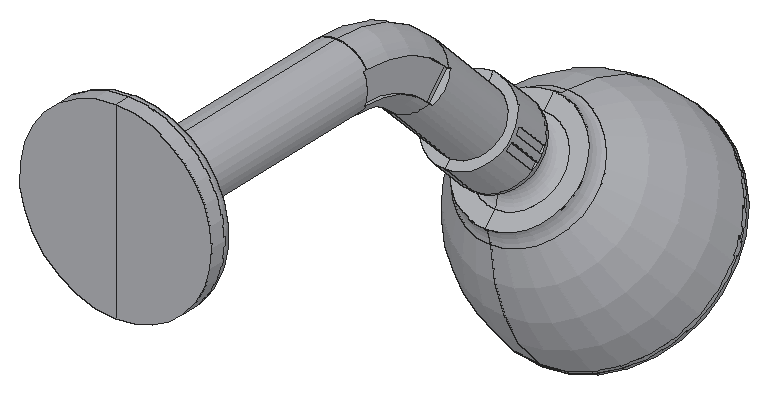
Revit family "BRG-GRF-DCH_Edesa Reg. Red. Autolimp. ABS Cr 6.5 cm", category Aparatos sanitarios, Revit 2020
Family settings
  Anfitrión = Muro
  Cota de conector redondo = Diámetro de uso
  Tipo de pieza = Normal
  Número OmniClass = 23.45.00.00
  Título OmniClass = Sanitary, Laundry, and Cleaning Equipment
  Siempre vertical = Sí
  Corte con vacíos al cargar = No
  Compartido = No
  Punto de cálculo de habitación = No
Parameters (values of type "REGADERA REDONDA AUTOLIMPIADORA ABS 7.5 CM")
  _EDESA_ Tipo de instalación = "A la pared"
  _EDESA_ Sku/código = "SG0049863061BO"
  _EDESA_ Profundidad en cm = "15.7"
  _EDESA_ Productos necesarios para instalación = "Mezcladora de ducha"
  _EDESA_ Productos incluídos = ""
  _EDESA_ Peso en kg = ""
  _EDESA_ Nombre = "REGADERA REDONDA AUTOLIMPIADORA ABS 7.5 CM"
  _EDESA_ Materiales = "Latón"
  _EDESA_ Manual de Instalación = "https://www.edesa.com.ec/productos/instructivos/Griferia/Regaderas.pdf"
  _EDESA_ Garantía = "De por vida para el cuerpo principal y acabado en cromo (306)"
  _EDESA_ Distancia de instalación en cm (muro terminado) = ""
  _EDESA_ Descripción = "Regadera con brazo de ducha"
  _EDESA_ Cumple normativa ADA = ""
  _EDESA_ Contacto comercial = "(02) 395 2900"
  _EDESA_ Consumo/capacidad de agua en L = "9.5 litros por minuto / 2.5 gpm"
  _EDESA_ Conexión hidráulica = "Entrada de agua: tubería ø 1/2\""
  _EDESA_ Color = "cromo"
  _EDESA_ Certificación = "Cumple con norma NTE - INEN 3123 basada en la norma ASME 112.18.1 - 2012."
  _EDESA_ Categoría = "Productos > Grifería > Ducha"
  _EDESA_ BIM Manager = "Arq. Milton Ruano"
  _EDESA_ Autor BIM = "www.bimplus.com.ec (bimplus.arquitectura.integrada@gmail.com)"
  _EDESA_ Ancho en cm = "7.5"
  _EDESA_ Alto en cm = "22.5"
  _ALT = 1.70 m
  URL = "https://www.edesa.com.ec/productos/fichastecnicaspdf/Edesa/Griferia/Regadera_autolimpiadora.pdf"
  Modelo = "REGADERA REDONDA AUTOLIMPIADORA ABS 7.5 CM"
  Fabricante = "EDESA Ecuador"
  Elevación por defecto = 0.00 m
Reference planes (m)
  plane 1: y = 0
  plane 2 "Centro (Izquierda/Derecha)": x = 0.125
  plane 3 "Posterior": y = 0.075
Text (m)
  text "Cara de colocación" at (-1.787139, 0.59235, 0), in view "Nivel de referencia"
  text "Cara de colocación" at (0, 1.827695, 2.917686), in view "Izquierda"
  text "Cara de colocación" at (0, 0.562268, 3.853606), in view "Derecha"
Dimensions and locks (m)
  locked: plane 3 "Posterior" to host wall
  aligned and locked: host wall to plane 1
  aligned and locked: plane 3 "Posterior" to nested 1
Nested families (m)
  nested 1: "Familia2" at (0, 0.075, 1.7), type "Familia2"
Connectors (m)
  piping at (0.125, 0.075, 1.7), diameter 0.0127
    settings: on nested 1, index 1, connector inside diameter 609.6 mm, connector length 0.00 m, flow factor 0, pipe flow 0.15 L/s, pressure drop 0.0 Pa, fitting loss kfactor 0, connector angle 0.00°, fixture units 0, engagement length 0.00 m, angle of deflection 0.00°, flow configuration 0, flow direction 1, fitting loss method 2, system type 7, joint type 0, gender type 0, connector reference index -1, connector utility 0, adjustable connector yes, is connector primary yes, connector description ""
Definition of nested family "Familia2"
  Parameters (values of type "Familia2")
    Default Elevation = 0.00 m
  Reference planes (m)
    plane 1 "Centro (Frontal/Posterior)": y = 0
    plane 2: z = 0
    plane 3 "Centro (Izquierda/Derecha)": x = 0
    plane 4 "rp": through (4.2672, 0.16526, -0.115258) normal (0, -0.7071, 0.7071)
    plane 5: through (0.1625, 0.215729, -0.112695) normal (0, 0.7071, 0.7071)
    plane 6: x = 0.125
  Forms (m)
    Revolve 1, solid
      sketch origin (0.125, -0.073851, -2.099221) x (0, 1, 0) y (0, 0, 1)
        loop
          line (0.073851, 2.099221) -> (0.160109, 2.099221) -> (0.160109, 2.109721) -> (0.085886, 2.109721)
          arc (0.085886, 2.109721) -> (0.084664, 2.118072) -> (0.082748, 2.126292) r 0.100755
          arc (0.082748, 2.126292) -> (0.081314, 2.128406) -> (0.078893, 2.129221) r 0.004
          line (0.078893, 2.129221) -> (0.073851, 2.129221) -> (0.073851, 2.099221)
        axis (0.073851, 2.099221) -> (0.160109, 2.099221)
      angle from 0 to 360
    Revolve 2, solid
      sketch origin (0.125, -0.064274, -2.1) x (0, 1, 0) y (0, 0, 1)
        loop
          line (0.25963, 2.007678) -> (0.17917, 2.088138) -> (0.171746, 2.080713) -> (0.194885, 2.057574) -> (0.192764, 2.055452) -> (0.203596, 2.04462)
          arc (0.203596, 2.04462) -> (0.205319, 2.043604) -> (0.207318, 2.04355) r 0.004
          arc (0.207318, 2.04355) -> (0.21267, 2.041415) -> (0.212563, 2.035653) r 0.005066
          line (0.212563, 2.035653) -> (0.208674, 2.031764)
          arc (0.208674, 2.031764) -> (0.21019, 2.029306) -> (0.210744, 2.026473) r 0.008077
          arc (0.210744, 2.026473) -> (0.216211, 2.003839) -> (0.229534, 1.984742) r 0.062932
          line (0.229534, 1.984742) -> (0.230499, 1.983776)
          arc (0.230499, 1.983776) -> (0.23255, 1.982681) -> (0.234864, 1.982912) r 0.004
          line (0.234864, 1.982912) -> (0.25963, 2.007678)
        axis (0.25963, 2.007678) -> (0.17917, 2.088138)
      angle from 0 to 360
    Sweep 3, solid
      path origin (0.125, -0.06661, -2.099125) x (0, 1, 0) y (0, 0, 1)
        loop
          arc (0.188931, 2.094687) -> (0.172386, 2.105743) -> (0.152869, 2.109625) r 0.051
      profile origin (0.125, 0.105775, 0.006618) x (0, -0.382683, -0.92388) y (1, 0, 0)
        loop
          circle (0.0105, 0) r 0.0105
    Revolve 4, solid
      sketch origin (0.125, -0.052317, -2.1085) x (0, 1, 0) y (0, 0, 1)
        loop
          arc (0.222907, 1.991412) -> (0.238717, 1.999887) -> (0.252578, 2.011273) r 0.091891
          line (0.252578, 2.011273) -> (0.247673, 2.016178) -> (0.222907, 1.991412)
        axis (0.247673, 2.016178) -> (0.252578, 2.011273)
      angle from 0 to 360
    Extrusion 5, void
      sketch origin (0, 0, 0) x (0, 1, 0) y (0, 0, 1)
        loop
          arc (0.085035, -0.005021) -> (0.099844, -0.007702) -> (0.112212, -0.016278) r 0.0355
          line (0.112212, -0.016278) -> (0.119286, -0.009204)
          arc (0.119286, -0.009204) -> (0.103671, 0.001536) -> (0.085035, 0.004984) r 0.0455
          line (0.085035, 0.004984) -> (0.085035, -0.005021)
      from 0.103506 to 0.116944
    Extrusion 6, void
      sketch origin (0.25, 0, 0) x (0, 1, 0) y (0, 0, -1)
        loop
          line (0.085035, 0.005021) -> (0.085035, -0.004984)
          arc (0.085035, -0.004984) -> (0.103671, -0.001536) -> (0.119286, 0.009204) r 0.0455
          line (0.119286, 0.009204) -> (0.112212, 0.016278)
          arc (0.112212, 0.016278) -> (0.099844, 0.007702) -> (0.085035, 0.005021) r 0.0355
      from 0.103506 to 0.116944
    Extrusion 7, void
      sketch origin (0, 0.04, 0) x (0, 1, 0) y (0, 0, 1)
        loop
          line (0.096268, -0.038184) -> (0.106521, -0.048437) -> (0.108289, -0.046669) -> (0.098036, -0.036416) -> (0.096268, -0.038184)
        loop
          line (0.101218, -0.033234) -> (0.09945, -0.035002) -> (0.109703, -0.045255) -> (0.111471, -0.043487) -> (0.101218, -0.033234)
      from 0.103506 to 0.112498
    Extrusion 8, void
      sketch origin (0.25, 0.04, 0) x (0, 1, 0) y (0, 0, -1)
        loop
          line (0.096268, 0.038184) -> (0.098036, 0.036416) -> (0.108289, 0.046669) -> (0.106521, 0.048437) -> (0.096268, 0.038184)
        loop
          line (0.101218, 0.033234) -> (0.111471, 0.043487) -> (0.109703, 0.045255) -> (0.09945, 0.035002) -> (0.101218, 0.033234)
      from 0.103506 to 0.112498
    Extrusion 9, solid
      sketch origin (0, 0.140259, -0.140259) x (0, -0.707107, -0.707107) y (1, 0, 0)
        loop
          circle (-0.100895, 0.125) r 0.0015
        loop
          circle (-0.100895, 0.125) r 0.000854
      from -0.006502 to -0.008846
    Extrusion 10, solid
      sketch origin (0, 0.134875, -0.145643) x (0, -0.707107, -0.707107) y (1, 0, 0)
        loop
          circle (-0.100895, 0.125) r 0.0015
        loop
          circle (-0.100895, 0.125) r 0.000854
      from -0.006502 to -0.01012
    Extrusion 11, solid
      sketch origin (0, 0.140259, -0.140259) x (0, -0.707107, -0.707107) y (1, 0, 0)
        loop
          circle (-0.084839, 0.125) r 0.0015
        loop
          circle (-0.084839, 0.125) r 0.000854
      from -0.006502 to -0.011902
    Extrusion 12, solid
      sketch origin (0.066697, 0.098145, -0.182373) x (0.587785, -0.572061, -0.572061) y (0.809017, 0.415627, 0.415627)
        loop
          circle (-0.084839, 0.125) r 0.0015
        loop
          circle (-0.084839, 0.125) r 0.000854
      from -0.006502 to -0.011902
    Extrusion 13, solid
      sketch origin (-0.018951, 0.202051, -0.078467) x (-0.587785, -0.572061, -0.572061) y (0.809017, -0.415627, -0.415627)
        loop
          circle (-0.084839, 0.125) r 0.0015
        loop
          circle (-0.084839, 0.125) r 0.000854
      from -0.006502 to -0.011902
    Extrusion 14, solid
      sketch origin (0.017083, 0.259919, -0.020599) x (-0.951057, -0.218508, -0.218508) y (0.309017, -0.672499, -0.672499)
        loop
          circle (-0.084839, 0.125) r 0.0015
        loop
          circle (-0.084839, 0.125) r 0.000854
      from -0.006502 to -0.011902
    Extrusion 15, solid
      sketch origin (0.094337, 0.291758, 0.01124) x (-0.951057, 0.218508, 0.218508) y (-0.309017, -0.672499, -0.672499)
        loop
          circle (-0.084839, 0.125) r 0.0015
        loop
          circle (-0.084839, 0.125) r 0.000854
      from -0.006502 to -0.011902
    Extrusion 16, solid
      sketch origin (0.183303, 0.285408, 0.00489) x (-0.587785, 0.572061, 0.572061) y (-0.809017, -0.415627, -0.415627)
        loop
          circle (-0.084839, 0.125) r 0.0015
        loop
          circle (-0.084839, 0.125) r 0.000854
      from -0.006502 to -0.011902
    Extrusion 17, solid
      sketch origin (0.25, 0.243293, -0.037225) x (0, 0.707107, 0.707107) y (-1, 0, 0)
        loop
          circle (-0.084839, 0.125) r 0.0015
        loop
          circle (-0.084839, 0.125) r 0.000854
      from -0.006502 to -0.011902
    Extrusion 18, solid
      sketch origin (0.268951, 0.181501, -0.099017) x (0.587785, 0.572061, 0.572061) y (-0.809017, 0.415627, 0.415627)
        loop
          circle (-0.084839, 0.125) r 0.0015
        loop
          circle (-0.084839, 0.125) r 0.000854
      from -0.006502 to -0.011902
    Extrusion 19, solid
      sketch origin (0.232917, 0.123633, -0.156885) x (0.951057, 0.218508, 0.218508) y (-0.309017, 0.672499, 0.672499)
        loop
          circle (-0.084839, 0.125) r 0.0015
        loop
          circle (-0.084839, 0.125) r 0.000854
      from -0.006502 to -0.011902
    Extrusion 20, solid
      sketch origin (0.155663, 0.091794, -0.188724) x (0.951057, -0.218508, -0.218508) y (0.309017, 0.672499, 0.672499)
        loop
          circle (-0.084839, 0.125) r 0.0015
        loop
          circle (-0.084839, 0.125) r 0.000854
      from -0.006502 to -0.011902
    Extrusion 21, solid
      sketch origin (0.043537, 0.103844, -0.176674) x (0.406737, -0.645974, -0.645974) y (0.913545, 0.287606, 0.287606)
        loop
          circle (-0.100895, 0.125) r 0.0015
        loop
          circle (-0.100895, 0.125) r 0.000854
      from -0.006502 to -0.01012
    Extrusion 22, solid
      sketch origin (-0.021923, 0.175745, -0.104773) x (-0.406737, -0.645974, -0.645974) y (0.913545, -0.287606, -0.287606)
        loop
          circle (-0.100895, 0.125) r 0.0015
        loop
          circle (-0.100895, 0.125) r 0.000854
      from -0.006502 to -0.01012
    Extrusion 23, solid
      sketch origin (-0.018442, 0.219387, -0.061131) x (-0.743145, -0.473147, -0.473147) y (0.669131, -0.525483, -0.525483)
        loop
          circle (-0.100895, 0.125) r 0.0015
        loop
          circle (-0.100895, 0.125) r 0.000854
      from -0.006502 to -0.01012
    Extrusion 24, solid
      sketch origin (0.009841, 0.258255, -0.022263) x (-0.951057, -0.218508, -0.218508) y (0.309017, -0.672499, -0.672499)
        loop
          circle (-0.100895, 0.125) r 0.0015
        loop
          circle (-0.100895, 0.125) r 0.000854
      from -0.006502 to -0.01012
    Extrusion 25, solid
      sketch origin (0.058037, 0.285628, 0.00511) x (-0.994522, 0.073913, 0.073913) y (-0.104528, -0.703233, -0.703233)
        loop
          circle (-0.100895, 0.125) r 0.0015
        loop
          circle (-0.100895, 0.125) r 0.000854
      from -0.006502 to -0.01012
    Extrusion 26, solid
      sketch origin (0.117811, 0.296773, 0.016255) x (-0.866025, 0.353553, 0.353553) y (-0.5, -0.612372, -0.612372)
        loop
          circle (-0.100895, 0.125) r 0.0015
        loop
          circle (-0.100895, 0.125) r 0.000854
      from -0.006502 to -0.01012
    Extrusion 27, solid
      sketch origin (0.178828, 0.289763, 0.009245) x (-0.587785, 0.572061, 0.572061) y (-0.809017, -0.415627, -0.415627)
        loop
          circle (-0.100895, 0.125) r 0.0015
        loop
          circle (-0.100895, 0.125) r 0.000854
      from -0.006502 to -0.01012
    Extrusion 28, solid
      sketch origin (0.230538, 0.265811, -0.014707) x (-0.207912, 0.691655, 0.691655) y (-0.978148, -0.147016, -0.147016)
        loop
          circle (-0.100895, 0.125) r 0.0015
        loop
          circle (-0.100895, 0.125) r 0.000854
      from -0.006502 to -0.01012
    Extrusion 29, solid
      sketch origin (0.263999, 0.229057, -0.051461) x (0.207912, 0.691655, 0.691655) y (-0.978148, 0.147016, 0.147016)
        loop
          circle (-0.100895, 0.125) r 0.0015
        loop
          circle (-0.100895, 0.125) r 0.000854
      from -0.006502 to -0.01012
    Extrusion 30, solid
      sketch origin (0.273426, 0.185857, -0.094661) x (0.587785, 0.572061, 0.572061) y (-0.809017, 0.415627, 0.415627)
        loop
          circle (-0.100895, 0.125) r 0.0015
        loop
          circle (-0.100895, 0.125) r 0.000854
      from -0.006502 to -0.01012
    Extrusion 31, solid
      sketch origin (0.257189, 0.14368, -0.136838) x (0.866025, 0.353553, 0.353553) y (-0.5, 0.612372, 0.612372)
        loop
          circle (-0.100895, 0.125) r 0.0015
        loop
          circle (-0.100895, 0.125) r 0.000854
      from -0.006502 to -0.01012
    Extrusion 32, solid
      sketch origin (0.218095, 0.10982, -0.170698) x (0.994522, 0.073913, 0.073913) y (-0.104528, 0.703233, 0.703233)
        loop
          circle (-0.100895, 0.125) r 0.0015
        loop
          circle (-0.100895, 0.125) r 0.000854
      from -0.006502 to -0.01012
    Extrusion 33, solid
      sketch origin (0.162905, 0.09013, -0.190388) x (0.951057, -0.218508, -0.218508) y (0.309017, 0.672499, 0.672499)
        loop
          circle (-0.100895, 0.125) r 0.0015
        loop
          circle (-0.100895, 0.125) r 0.000854
      from -0.006502 to -0.01012
    Extrusion 34, solid
      sketch origin (0.10116, 0.088017, -0.192501) x (0.743145, -0.473147, -0.473147) y (0.669131, 0.525483, 0.525483)
        loop
          circle (-0.100895, 0.125) r 0.0015
        loop
          circle (-0.100895, 0.125) r 0.000854
      from -0.006502 to -0.01012
    Extrusion 35, solid
      sketch origin (-0.016396, 0.170094, -0.110424) x (-0.309017, -0.672499, -0.672499) y (0.951057, -0.218508, -0.218508)
        loop
          circle (-0.100895, 0.125) r 0.0015
        loop
          circle (-0.100895, 0.125) r 0.000854
      from -0.006502 to -0.008846
    Extrusion 36, solid
      sketch origin (0.028632, 0.115467, -0.165051) x (0.309017, -0.672499, -0.672499) y (0.951057, 0.218508, 0.218508)
        loop
          circle (-0.100895, 0.125) r 0.0015
        loop
          circle (-0.100895, 0.125) r 0.000854
      from -0.006502 to -0.008846
    Extrusion 37, solid
      sketch origin (0.066697, 0.098145, -0.182373) x (0.587785, -0.572061, -0.572061) y (0.809017, 0.415627, 0.415627)
        loop
          circle (-0.100895, 0.125) r 0.0015
        loop
          circle (-0.100895, 0.125) r 0.000854
      from -0.006502 to -0.008846
    Extrusion 38, solid
      sketch origin (0.110469, 0.089987, -0.190531) x (0.809017, -0.415627, -0.415627) y (0.587785, 0.572061, 0.572061)
        loop
          circle (-0.100895, 0.125) r 0.0015
        loop
          circle (-0.100895, 0.125) r 0.000854
      from -0.006502 to -0.008846
    Extrusion 39, solid
      sketch origin (0.155663, 0.091794, -0.188724) x (0.951057, -0.218508, -0.218508) y (0.309017, 0.672499, 0.672499)
        loop
          circle (-0.100895, 0.125) r 0.0015
        loop
          circle (-0.100895, 0.125) r 0.000854
      from -0.006502 to -0.008846
    Extrusion 40, solid
      sketch origin (0.197856, 0.103388, -0.17713) x (1, 0, 0) y (0, 0.707107, 0.707107)
        loop
          circle (-0.100895, 0.125) r 0.0015
        loop
          circle (-0.100895, 0.125) r 0.000854
      from -0.006502 to -0.008846
    Extrusion 41, solid
      sketch origin (0.232917, 0.123633, -0.156885) x (0.951057, 0.218508, 0.218508) y (-0.309017, 0.672499, 0.672499)
        loop
          circle (-0.100895, 0.125) r 0.0015
        loop
          circle (-0.100895, 0.125) r 0.000854
      from -0.006502 to -0.008846
    Extrusion 42, solid
      sketch origin (0.257415, 0.150549, -0.129969) x (0.809017, 0.415627, 0.415627) y (-0.587785, 0.572061, 0.572061)
        loop
          circle (-0.100895, 0.125) r 0.0015
        loop
          circle (-0.100895, 0.125) r 0.000854
      from -0.006502 to -0.008846
    Extrusion 43, solid
      sketch origin (0.268951, 0.181501, -0.099017) x (0.587785, 0.572061, 0.572061) y (-0.809017, 0.415627, 0.415627)
        loop
          circle (-0.100895, 0.125) r 0.0015
        loop
          circle (-0.100895, 0.125) r 0.000854
      from -0.006502 to -0.008846
    Extrusion 44, solid
      sketch origin (0.266396, 0.213458, -0.06706) x (0.309017, 0.672499, 0.672499) y (-0.951057, 0.218508, 0.218508)
        loop
          circle (-0.100895, 0.125) r 0.0015
        loop
          circle (-0.100895, 0.125) r 0.000854
      from -0.006502 to -0.008846
    Extrusion 45, solid
      sketch origin (0.25, 0.243293, -0.037225) x (0, 0.707107, 0.707107) y (-1, 0, 0)
        loop
          circle (-0.100895, 0.125) r 0.0015
        loop
          circle (-0.100895, 0.125) r 0.000854
      from -0.006502 to -0.008846
    Extrusion 46, solid
      sketch origin (0.221368, 0.268085, -0.012433) x (-0.309017, 0.672499, 0.672499) y (-0.951057, -0.218508, -0.218508)
        loop
          circle (-0.100895, 0.125) r 0.0015
        loop
          circle (-0.100895, 0.125) r 0.000854
      from -0.006502 to -0.008846
    Extrusion 47, solid
      sketch origin (0.183303, 0.285408, 0.00489) x (-0.587785, 0.572061, 0.572061) y (-0.809017, -0.415627, -0.415627)
        loop
          circle (-0.100895, 0.125) r 0.0015
        loop
          circle (-0.100895, 0.125) r 0.000854
      from -0.006502 to -0.008846
    Extrusion 48, solid
      sketch origin (0.139531, 0.293565, 0.013047) x (-0.809017, 0.415627, 0.415627) y (-0.587785, -0.572061, -0.572061)
        loop
          circle (-0.100895, 0.125) r 0.0015
        loop
          circle (-0.100895, 0.125) r 0.000854
      from -0.006502 to -0.008846
    Extrusion 49, solid
      sketch origin (0.094337, 0.291758, 0.01124) x (-0.951057, 0.218508, 0.218508) y (-0.309017, -0.672499, -0.672499)
        loop
          circle (-0.100895, 0.125) r 0.0015
        loop
          circle (-0.100895, 0.125) r 0.000854
      from -0.006502 to -0.008846
    Extrusion 50, solid
      sketch origin (0.052144, 0.280164, -0.000354) x (-1, 0, 0) y (0, -0.707107, -0.707107)
        loop
          circle (-0.100895, 0.125) r 0.0015
        loop
          circle (-0.100895, 0.125) r 0.000854
      from -0.006502 to -0.008846
    Extrusion 51, solid
      sketch origin (0.017083, 0.259919, -0.020599) x (-0.951057, -0.218508, -0.218508) y (0.309017, -0.672499, -0.672499)
        loop
          circle (-0.100895, 0.125) r 0.0015
        loop
          circle (-0.100895, 0.125) r 0.000854
      from -0.006502 to -0.008846
    Extrusion 52, solid
      sketch origin (-0.007415, 0.233003, -0.047515) x (-0.809017, -0.415627, -0.415627) y (0.587785, -0.572061, -0.572061)
        loop
          circle (-0.100895, 0.125) r 0.0015
        loop
          circle (-0.100895, 0.125) r 0.000854
      from -0.006502 to -0.008846
    Extrusion 53, solid
      sketch origin (-0.018951, 0.202051, -0.078467) x (-0.587785, -0.572061, -0.572061) y (0.809017, -0.415627, -0.415627)
        loop
          circle (-0.100895, 0.125) r 0.0015
        loop
          circle (-0.100895, 0.125) r 0.000854
      from -0.006502 to -0.008846
  Cuts and joins
    Extrusion 5, Extrusion 6, Extrusion 7 cuts Revolve 1
    Extrusion 5, Extrusion 6, Extrusion 7, Extrusion 8 cuts Revolve 2
    Extrusion 5, Extrusion 6, Extrusion 7 cuts Sweep 3
  Dimensions and locks (m)
    aligned and locked: level to plane 2
  Connectors (m)
    piping at (0.125, 0.001149, 0.000779), diameter 0.0125
      settings: on Revolve 1, index 2, connector inside diameter 609.6 mm, connector length 0.00 m, flow factor 0, pipe flow 0.0 L/s, pressure drop 0.0 Pa, fitting loss kfactor 0, connector angle 0.00°, fixture units 0, engagement length 0.00 m, angle of deflection 0.00°, flow configuration 0, flow direction 1, fitting loss method 0, system type 7, joint type 0, gender type 0, connector reference index -1, connector utility 0, adjustable connector no, is connector primary yes, connector description ""
